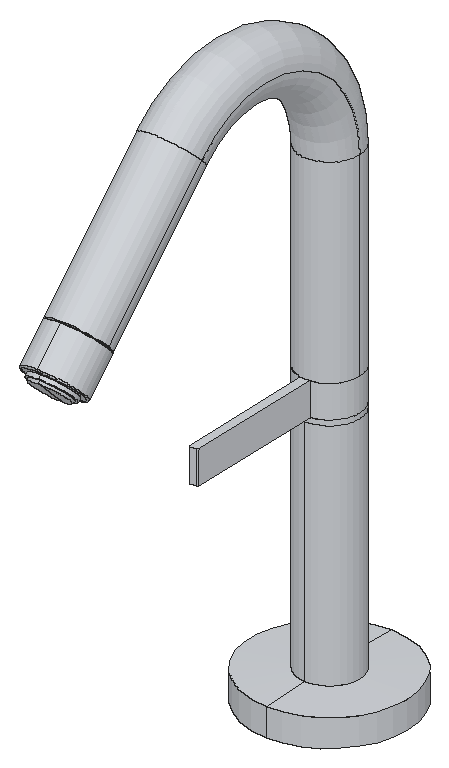
Revit family "Faucet-Lavatory-KOHLER-STILLNESS-K-979M_1", category Plumbing Fixtures, host Face, Revit 2017
Family settings
  Host = Face
  Round Connector Dimension = Use Diameter
  Part Type = Normal
  OmniClass Number = 23.31.11.00
  OmniClass Title = Faucets
  Cut with Voids When Loaded = No
  Shared = No
  Room Calculation Point = No
Parameters (values of type "CP-Polished Chrome")
  Width = 2.3622"  # constant formula
  WaterSense Certified = 1 = 0  # no
  Waste Water Outlet = "Waste Water Outlet"  # constant formula
  Waste Connection = 1 = 0  # no
  Vent Connection = 1 = 0  # no
  URL = "https://la.kohler.com/es?country=MX"
  Type = 1
  Spout Reach = 5.27559"  # constant formula
  Product Page URL = "https://la.kohler.com/es/product-detail/979m-4?skuid=K-979M-4-CP"
  Product Name = "K-979M-4-CP"  # constant formula
  Product Documentation Link = "http://resources.kohler.com/plumbing/kohlerla/pdf/979T-%20Spec%20Sheet.pdf"
  Pressure = 0.00 psi
  Model = "STILLNESS"  # constant formula
  Material = "Brass Construction"  # constant formula
  Master Format 2014 Name = "Residential Faucets, Supplies, and Trim"  # constant formula
  Master Format 2014 = "22 41 39"  # constant formula
  Manufacturer Address = "KOHLER Co. 444 Highland Dr. Kohler, WI 53044"  # constant formula
  Manufacturer = "KOHLER Co."  # constant formula
  Length = Spout Reach  # 5.27559"
  Hot Water Inlet = "Hot Water Inlet"  # constant formula
  Height = 9.68504"  # constant formula
  Handle Clearance = 2.55906"  # constant formula
  HW Connection = 1 = 1  # yes
  Flow Rate = 0 GPM
  Finish = Kohler-Metal-CP-Polished_Chrome
  Environmental Product Declaration = ""
  Drain Included = 1 = 1  # yes
  Description = "Single Lever Basin Mixer"  # constant formula
  Default Elevation = 36"
  Declare Label = ""
  Date Modified = "08/07/2020"  # constant formula
  Date Created = "08/07/2020"  # constant formula
  Copyright = "Copyright KOHLER Co."  # constant formula
  Contact Us = "https://la.kohler.com/es/contact-us-page"
  Cold Water Inlet = "Cold Water Inlet"  # constant formula
  CW Connection = 1 = 1  # yes
  Assembly Code = "D2010"
  ADA Compliant = 1 = 0  # no
Reference planes (in)
  plane 1 "Center (Front/Back)": y = 0
  plane 2: z = 0
  plane 3 "Center (Left/Right)": x = 0
  plane 4: y = 0.45276
  plane 5: y = -0.45276
  plane 6: x = 0.45276
  plane 7: x = -0.45276
  plane 8: y = -5.27559
  plane 9: z = 6.49606
  plane 10: z = 9.68504
  plane 11: y = 1.1811
  plane 12: z = 4.01575
  plane 13: y = -1.1811
  plane 14: x = 1.1811
  plane 15: x = -1.1811
  plane 16: y = -2.55906
  plane 17: x = -0.64723
  plane 18: x = 0.64723
  plane 19: z = 0.43038
Dimensions and locks (in)
  "Height": plane 10 to level
  "Width": plane 15 to plane 14
  "Spout Reach": plane 1 "Center (Front/Back)" to plane 8
  plane 9 to level = 6.49606"
  level to plane 12 = 4.01575"
  "Handle Clearance": plane 1 "Center (Front/Back)" to plane 16
  aligned and locked: plane 2 to host face
  aligned and locked: level to host face
Automatic sketch dimensions
  host sketch curve to host sketch curve = 96"  (x2)
Nested families (in)
  nested 1: "K-979M" at (0, 0, 0), type "K-979M"
Connectors (in)
  piping at (-0.64723, 0, 0), diameter 0.5, driven by "HW Connection", driven by "Hot Water Inlet"
    settings: on nested 1, index 1, connector inside diameter 24", connector length 0", flow factor 0, pipe flow 0 GPM, pressure drop 0.00 psi, fitting loss kfactor 0, connector angle 0.00°, fixture units 0, engagement length 0", angle of deflection 0.00°, flow configuration 0, flow direction 1, fitting loss method 0, system type 19, joint type 0, gender type 0, connector reference index -1, connector utility 1, adjustable connector no, is connector primary yes, connector description "Hot Water Inlet"
  piping at (0.64723, 0, 0), diameter 0.5, driven by "CW Connection", driven by "Cold Water Inlet"
    settings: on nested 1, index 2, connector inside diameter 24", connector length 0", flow factor 0, pipe flow 0 GPM, pressure drop 0.00 psi, fitting loss kfactor 0, connector angle 0.00°, fixture units 0, engagement length 0", angle of deflection 0.00°, flow configuration 0, flow direction 1, fitting loss method 0, system type 20, joint type 0, gender type 0, connector reference index -1, connector utility 1, adjustable connector no, is connector primary no, connector description "Cold Water Inlet"
Definition of nested family "K-979M"
  Parameters (values of type "K-979M")
    Material = none
  Reference planes (in)
    plane 1 "Center (Front/Back)": y = 0
    plane 2: z = 0
    plane 3 "Center (Left/Right)": x = 0
    plane 4: y = 1.1811
    plane 5: x = -1.1811
    plane 6: x = 1.1811
    plane 7: y = 0.45276
    plane 8: y = -0.45276
    plane 9: x = -0.45276
    plane 10: x = 0.45276
    plane 11: z = 9.68504
    plane 12: z = 9.68504
    plane 13: y = -5.27559
    plane 14: z = 6.49606
    plane 15: z = 4.01575
    plane 16: y = -1.1811
    plane 17: y = -2.55906
    plane 18: z = 9.23341
    plane 19: x = -0.64723
    plane 20: x = 0.64723
  Forms (in)
    Revolve 1, solid, material <- "Material", detail levels medium+fine
      sketch origin (0, 0, 0) x (0, 1, 0) y (0, 0, 1)
        loop
          line (0, 0) -> (1.1811, 0) -> (1.1811, 0.41327)
          arc (1.1811, 0.41327) -> (0.817, 0.42616) -> (0.45276, 0.43435) r 28.21881
          line (0.45276, 0.43435) -> (0.45276, 3.93701) -> (0.25591, 3.93701) -> (0.25591, 4.51181) -> (0, 4.51181) -> (0, 0)
        axis (0, 4.51181) -> (0, 0)
      angle from 0 to 360
    Extrusion 2, solid, material <- "Material", detail levels medium+fine
      sketch origin (0, 0, 0) x (1, 0, 0) y (0, 1, 0)
        loop
          arc (0.0689, -0.44748) -> (0, 0.45276) -> (-0.0689, -0.44748) r 0.45276
          line (-0.0689, -0.44748) -> (-0.0689, -2.53937)
          arc (-0.0689, -2.53937) -> (-0.06313, -2.55329) -> (-0.04921, -2.55906) r 0.01969
          line (-0.04921, -2.55906) -> (0.04921, -2.55906)
          arc (0.04921, -2.55906) -> (0.06313, -2.55329) -> (0.0689, -2.53937) r 0.01969
          line (0.0689, -2.53937) -> (0.0689, -0.44748)
        loop
          circle (0, 0) r 0.25591
      from 4.01575 to 4.51181
    Revolve 3, solid, material <- "Material", detail levels medium+fine
      sketch origin (0, 0, 0) x (0, 1, 0) y (0, 0, 1)
        loop
          line (-5.48563, 6.81974) -> (-5.42473, 6.75883) -> (-5.46969, 6.71387) -> (-5.44486, 6.68904) -> (-5.46063, 6.64573) -> (-5.25391, 6.43901) -> (-4.66387, 7.02904) -> (-4.95104, 7.31622) -> (-5.01636, 7.2509) -> (-5.04934, 7.28387) -> (-5.48563, 6.84757)
          arc (-5.48563, 6.84757) -> (-5.4914, 6.83366) -> (-5.48563, 6.81974) r 0.01969
        axis (-4.66387, 7.02904) -> (-5.25391, 6.43901)
      angle from 0 to 360
    Sweep 4, solid, material <- "Material", detail levels medium+fine
      path origin (0, 0, 0) x (0, 1, 0) y (0, 0, 1)
        loop
          line (-4.71527, 6.97764) -> (-2.96883, 8.72409)
          arc (-2.96883, 8.72409) -> (-1.07357, 9.10108) -> (0, 7.49436) r 1.7391
          line (0, 7.49436) -> (0, 4.51181)
      profile origin (0, 0, 6.00308) x (1, 0, 0) y (0, 1, 0)
        loop
          circle (0, 0) r 0.45276
    Extrusion 5, solid, detail levels medium+fine
      sketch origin (0, 0, 0) x (1, 0, 0) y (0, 1, 0)
        loop
          circle (-0.64723, 0) r 0.25
        loop
          circle (0.64723, 0) r 0.25
      from 0 to 0.19922
    Revolve 6, solid, material <- "Material", detail levels medium+fine
      sketch origin (0, 0, 0) x (0, 1, 0) y (0, 0, 1)
        loop
          line (0.45276, 4.01575) -> (0, 4.01575) -> (0, 3.93701) -> (0.45276, 3.93701) -> (0.45276, 4.01575)
        axis (0, 4.01575) -> (0, 3.93701)
      angle from 0 to 360
    Extrusion 7, solid, material <- "Material", detail levels coarse
      sketch origin (0, 0, 0) x (1, 0, 0) y (0, 1, 0)
        loop
          arc (0.07631, -0.44628) -> (-0.00019, 0.45276) -> (-0.07593, -0.44634) r 0.45276
          line (-0.07593, -0.44634) -> (-0.07593, -2.55906) -> (0.07631, -2.55906) -> (0.07631, -0.44628)
      from 3.93701 to 4.51181
    Revolve 8, solid, material <- "Material", detail levels coarse
      sketch origin (0, 0, 0) x (1, 0, 0) y (0, 0, 1)
        loop
          line (-1.1811, 0.45317) -> (-1.1811, 0) -> (0, 0) -> (0, 0.45317) -> (-1.1811, 0.45317)
        axis (0, 0.45317) -> (0, 0)
      angle from 0 to 360
    Sweep 9, solid, material <- "Material", detail levels coarse
      path origin (0, 0, 0) x (0, 1, 0) y (0, 0, 1)
        loop
          line (0, 0) -> (0, 7.4945)
          arc (0, 7.4945) -> (-1.09367, 9.1313) -> (-3.0244, 8.74725) r 1.77165
          line (-3.0244, 8.74725) -> (-5.27559, 6.49606)
      profile origin (0, 0, 3.74725) x (0, -1, 0) y (1, 0, 0)
        loop
          circle (0, 0) r 0.49478
  Cuts and joins
    joined: Revolve 1, Sweep 4
    joined: Extrusion 2, Revolve 6
    joined: Revolve 8, Sweep 9
  Lines and regions (in)
    Masking region 1
      outline origin (0, 0, 0) x (1, 0, 0) y (0, 1, 0)
        loop
          arc (0, 1.1811) -> (-1.15808, 0.23207) -> (-0.4551, -1.0899) r 1.1811
          line (-0.4551, -1.0899) -> (-0.4551, -5.28687)
          arc (-0.4551, -5.28687) -> (-0.00217, -5.53682) -> (0.45276, -5.29052) r 0.53928
          line (0.45276, -5.29052) -> (0.45276, -1.09088)
          arc (0.45276, -1.09088) -> (1.00115, -0.62665) -> (1.17906, 0.06948) r 1.1811
          arc (1.17906, 0.06948) -> (0.81023, 0.85938) -> (0, 1.1811) r 1.1811
    Masking region 2
      outline origin (0, 0, 0) x (1, 0, 0) y (0, 0, 1)
        loop
          line (1.1811, 0) -> (1.1811, 0.41275)
          arc (1.1811, 0.41275) -> (0.81698, 0.42353) -> (0.45276, 0.43038) r 33.7651
          line (0.45276, 0.43038) -> (0.45276, 9.23228)
          arc (0.45276, 9.23228) -> (0, 9.68504) -> (-0.45276, 9.23228) r 0.45276
          line (-0.45276, 9.23228) -> (-0.45276, 0.43038)
          arc (-0.45276, 0.43038) -> (-0.81698, 0.42353) -> (-1.1811, 0.41275) r 33.7651
          line (-1.1811, 0.41275) -> (-1.1811, 0) -> (1.1811, 0)
    Masking region 3
      outline origin (0, 0, 0) x (0, 1, 0) y (0, 0, 1)
        loop
          line (-3.28921, 9.044) -> (-5.03542, 7.29779) -> (-4.98256, 7.24494) -> (-5.01636, 7.2509) -> (-5.04934, 7.28387) -> (-5.48492, 6.84829)
          arc (-5.48492, 6.84829) -> (-5.49098, 6.83366) -> (-5.48492, 6.81902) r 0.0207
          line (-5.48492, 6.81902) -> (-5.42473, 6.75883) -> (-5.46969, 6.71387) -> (-5.44486, 6.68904) -> (-5.46063, 6.64573) -> (-5.04718, 6.23228) -> (-5.00387, 6.24805) -> (-4.97904, 6.22322) -> (-4.93408, 6.26818) -> (-4.87431, 6.20842)
          arc (-4.87431, 6.20842) -> (-4.85926, 6.20218) -> (-4.8442, 6.20842) r 0.02129
          line (-4.8442, 6.20842) -> (-4.40904, 6.64358) -> (-4.44201, 6.67655) -> (-4.44797, 6.71035) -> (-4.39512, 6.6575) -> (-2.64259, 8.41003)
          arc (-2.64259, 8.41003) -> (-1.24464, 8.6881) -> (-0.45276, 7.50297) r 1.28278
          line (-0.45276, 7.50297) -> (-0.45276, 4.51181) -> (-2.55906, 4.51181) -> (-2.55906, 4.01575) -> (-0.45276, 4.01575) -> (-0.45276, 0.43354)
          arc (-0.45276, 0.43354) -> (-0.817, 0.42534) -> (-1.1811, 0.41245) r 28.23423
          line (-1.1811, 0.41245) -> (-1.1811, 0) -> (1.1811, 0) -> (1.1811, 0.41327)
          arc (1.1811, 0.41327) -> (0.817, 0.42616) -> (0.45276, 0.43435) r 28.23504
          line (0.45276, 0.43435) -> (0.45276, 7.49403)
          arc (0.45276, 7.49403) -> (-0.9004, 9.51916) -> (-3.28921, 9.044) r 2.19199
    symbolic lines, detail levels medium+fine
      curve 1: line (-0.4551, -1.06953, 0) -> (-0.4551, 0.02297, 0)
      curve 2: line (0.45276, -1.06953, 0) -> (0.45276, 0.02297, 0)
      curve 3: arc (-0.4551, 0.02297, 0) -> (-0.00176, 0.4763, 0) -> (0.45158, 0.02297, 0) r 0.45334
      curve 4: line (0.45276, 0, 3.93701) -> (-0.45276, 0, 3.93701)
      curve 5: line (0.45276, 0, 4.51181) -> (-0.45276, 0, 4.51181)
      curve 6: line (0.45276, 0, 4.51181) -> (0.45276, 0, 3.93701)
      curve 7: arc (-0.45276, 0, 0.43038) -> (-0.00002, 0, 0.43354) -> (0.45272, 0, 0.43038) r 32.45438
      curve 8: spline (0, 0, 6.22225) -> (-0.07567, 0, 6.23022) -> (-0.14617, 0, 6.25359) -> (-0.20672, 0, 6.29076) -> (-0.25318, 0, 6.33919) -> (-0.28239, 0, 6.3956) -> (-0.29235, 0, 6.45614) -> (-0.28239, 0, 6.51667) -> (-0.25318, 0, 6.57308) -> (-0.20672, 0, 6.62152) -> (-0.14617, 0, 6.65869) -> (-0.07567, 0, 6.68205) -> (0, 0, 6.69002)
      curve 9: spline (0, 0, 6.69002) -> (0.07971, 0, 6.68205) -> (0.15399, 0, 6.65869) -> (0.21778, 0, 6.62152) -> (0.26672, 0, 6.57308) -> (0.29749, 0, 6.51667) -> (0.30799, 0, 6.45614) -> (0.29749, 0, 6.3956) -> (0.26672, 0, 6.33919) -> (0.21778, 0, 6.29076) -> (0.15399, 0, 6.25359) -> (0.07971, 0, 6.23022) -> (0, 0, 6.22225)
      curve 10: spline (0, 0, 6.71387) -> (0.0898, 0, 6.70549) -> (0.17347, 0, 6.68094) -> (0.24532, 0, 6.64187) -> (0.30046, 0, 6.59097) -> (0.33512, 0, 6.53168) -> (0.34694, 0, 6.46806) -> (0.33512, 0, 6.40444) -> (0.30046, 0, 6.34516) -> (0.24532, 0, 6.29425) -> (0.17347, 0, 6.25519) -> (0.0898, 0, 6.23063) -> (0, 0, 6.22225)
      curve 11: spline (0, 0, 6.71387) -> (-0.0898, 0, 6.70549) -> (-0.17347, 0, 6.68094) -> (-0.24532, 0, 6.64187) -> (-0.30046, 0, 6.59097) -> (-0.33512, 0, 6.53168) -> (-0.34694, 0, 6.46806) -> (-0.33512, 0, 6.40444) -> (-0.30046, 0, 6.34516) -> (-0.24532, 0, 6.29425) -> (-0.17347, 0, 6.25519) -> (-0.0898, 0, 6.23063) -> (0, 0, 6.22225)
      curve 12: spline (0.45276, 0, 6.97764) -> (0.43733, 0, 7.0605) -> (0.3921, 0, 7.13772) -> (0.32015, 0, 7.20402) -> (0.22638, 0, 7.2549) -> (0.11718, 0, 7.28688) -> (0, 0, 7.29779) -> (-0.11718, 0, 7.28688) -> (-0.22638, 0, 7.2549) -> (-0.32015, 0, 7.20402) -> (-0.3921, 0, 7.13772) -> (-0.43733, 0, 7.0605) -> (-0.45276, 0, 6.97764)
      curve 13: spline (0.45134, 0, 6.49606) -> (0.43275, 0, 6.57687) -> (0.38591, 0, 6.6517) -> (0.31389, 0, 6.71566) -> (0.22137, 0, 6.76458) -> (0.1144, 0, 6.79528) -> (-0.00003, 0, 6.80573) -> (-0.11447, 0, 6.79528) -> (-0.22143, 0, 6.76458) -> (-0.31395, 0, 6.71566) -> (-0.38598, 0, 6.6517) -> (-0.43282, 0, 6.57687) -> (-0.45141, 0, 6.49606)
      curve 14: spline (0.45134, 0, 6.49606) -> (0.43275, 0, 6.41526) -> (0.38591, 0, 6.34043) -> (0.31389, 0, 6.27647) -> (0.22137, 0, 6.22754) -> (0.1144, 0, 6.19685) -> (-0.00003, 0, 6.18639) -> (-0.11447, 0, 6.19685) -> (-0.22143, 0, 6.22754) -> (-0.31395, 0, 6.27647) -> (-0.38598, 0, 6.34043) -> (-0.43282, 0, 6.41526) -> (-0.45141, 0, 6.49606)
      curve 15: line (0, 0.45276, 0.43354) -> (0, -0.45276, 0.43354)
      curve 16: line (0, -5.44486, 6.68904) -> (0, -5.00387, 6.24805)
      curve 17: line (0, -4.93408, 6.26818) -> (0, -5.42473, 6.75883)
      curve 18: line (0, -4.44797, 6.71035) -> (0, -4.98256, 7.24494)
      curve 19: line (0, -5.01636, 7.2509) -> (0, -4.44201, 6.67655)
      curve 20: line (0, 0.45276, 3.93701) -> (0, -0.45276, 3.93701)
      curve 21: line (0, 0.45276, 4.51181) -> (0, -0.45276, 4.51181)
      curve 22: line (-0.0689, 0, 4.51181) -> (-0.0689, 0, 4.01575)
      curve 23: line (0.0689, 0, 4.01575) -> (0.0689, 0, 4.51181)
      curve 24: line (-0.0689, 0, 4.51181) -> (-0.0689, 0, 4.01575)
      curve 25: line (0.0689, 0, 4.01575) -> (0.0689, 0, 4.51181)
      curve 26: line (-0.0689, 0, 4.01575) -> (0.0689, 0, 4.01575)
      curve 27: circle (-0.279, 0, 4.38155) r 0.03282 normal (0, -1, 0)
      curve 28: circle (0.279, 0, 4.38155) r 0.03282 normal (0, 1, 0)
      curve 29: line (0, -0.45276, 4.51181) -> (0, -0.45276, 4.01709)
  Dimensions and locks (in)
    locked: plane 15 to level at 4.01575
    locked: plane 12 to level at 9.68504
    locked: plane 14 to level at 6.49606
    locked: plane 1 "Center (Front/Back)" to plane 13 at 5.27559
    aligned and locked: plane 2 to level
  Automatic sketch dimensions
    Sweep 4 sketch curve to plane 3 "Center (Left/Right)" = 0"
    profile plane to Sweep 4 sketch curve = 0"
    Revolve 3 sketch curve to Revolve 3 sketch curve = 0"
    Revolve 3 sketch curve to Revolve 3 sketch curve = 0.01392"
    Revolve 3 sketch curve to Revolve 3 sketch curve = 0.01594"
    Revolve 3 sketch curve to Revolve 3 sketch curve = 0.00906"
    Revolve 3 sketch curve to Revolve 3 sketch curve = 0.02483"
    Revolve 3 sketch curve to Revolve 3 sketch curve = 0.04496"
    Revolve 3 sketch curve to Revolve 3 sketch curve = 0.03297"
    Revolve 3 sketch curve to Revolve 3 sketch curve = 0.06532"
    Revolve 3 sketch curve to Revolve 3 sketch curve = 0.04331"
    curve 1 to plane 1 "Center (Front/Back)" = 0.02297"
    curve 3 to plane 3 "Center (Left/Right)" = 0.00176"
    plane 3 "Center (Left/Right)" to curve 2 = 0.45276"
    curve 3 to curve 2 = 0"
    plane 1 "Center (Front/Back)" to Extrusion 5 sketch curve = 0"  (x2)
    plane 5 to Extrusion 5 sketch curve = 0.53387"
    plane 6 to Extrusion 5 sketch curve = 0.53387"
    Revolve 3 sketch curve to Revolve 3 sketch curve = 0.51721"  (x2)
    Revolve 3 sketch curve to plane 11 = 2.40117"
    Revolve 3 sketch curve to plane 11 = 1.58831"
    Revolve 3 sketch curve to plane 13 = 0.02168"
    plane 13 to Revolve 3 sketch curve = 0.14914"
    Extrusion 2 sketch curve to Extrusion 2 sketch curve = 0"  (x2)
    plane 1 "Center (Front/Back)" to Extrusion 2 sketch curve = 0"
    Extrusion 2 sketch curve to plane 3 "Center (Left/Right)" = 0"
    Extrusion 2 sketch curve to plane 3 "Center (Left/Right)" = 0.04921"
    Extrusion 2 sketch curve to plane 8 = 0.00527"  (x2)
    Extrusion 2 sketch curve to plane 3 "Center (Left/Right)" = 0.0689"
    plane 3 "Center (Left/Right)" to Extrusion 2 sketch curve = 0.04921"
    curve 1 to curve 3 = 0.45334"
    Masking region 2 sketch curve to Masking region 2 sketch curve = 0"  (x2)
    Masking region 2 sketch curve to level = 0"
    Masking region 2 sketch curve to plane 5 = 0"
    plane 9 to Masking region 2 sketch curve = 0"
    plane 3 "Center (Left/Right)" to Masking region 2 sketch curve = 0"
    Masking region 2 sketch curve to plane 3 "Center (Left/Right)" = 0"
    plane 6 to Masking region 2 sketch curve = 0"
    level to Masking region 2 sketch curve = 0.41275"  (x2)
    Masking region 2 sketch curve to plane 12 = 0.45276"
    Masking region 2 sketch curve to plane 15 = 3.58537"
    Revolve 6 sketch curve to plane 1 "Center (Front/Back)" = 0"  (x2)
    Revolve 6 sketch curve to plane 15 = 0"
    plane 7 to Revolve 6 sketch curve = 0"
    Revolve 6 sketch curve to plane 15 = 0.07874"
    Revolve 6 sketch curve to Revolve 6 sketch curve = 0.2126"
    Revolve 6 sketch curve to Revolve 6 sketch curve = 0.29921"
    Revolve 1 sketch curve to level = 0"
    Revolve 1 sketch curve to plane 1 "Center (Front/Back)" = 0"  (x2)
    Revolve 1 sketch curve to plane 4 = 0"
    Revolve 1 sketch curve to plane 1 "Center (Front/Back)" = 0.00046"
    Revolve 1 sketch curve to plane 7 = 0.19685"
    plane 7 to Revolve 1 sketch curve = 0"
    Revolve 1 sketch curve to level = 27.78083"
    level to Revolve 1 sketch curve = 0.41327"
    Revolve 1 sketch curve to plane 15 = 0.07874"
    plane 15 to Revolve 1 sketch curve = 0.49606"
    Revolve 1 sketch curve to plane 12 = 0.11811"
    plane 12 to Revolve 1 sketch curve = 0.92913"
    curve 13 to plane 14 = 0"
    curve 26 to plane 15 = 0"
    curve 9 to plane 3 "Center (Left/Right)" = 0"
    curve 12 to plane 3 "Center (Left/Right)" = 0"
    curve 14 to plane 14 = 0"
    curve 7 to plane 3 "Center (Left/Right)" = 0.00002"
    curve 24 to plane 3 "Center (Left/Right)" = 0.0689"
    curve 27 to curve 22 = 0.2101"
    plane 3 "Center (Left/Right)" to curve 25 = 0.0689"
    curve 23 to curve 28 = 0.2101"
    curve 6 to plane 15 = 0.07874"
    curve 23 to curve 6 = 0.38386"
    curve 7 to level = 32.02084"
    plane 15 to curve 27 = 0.3658"
    plane 15 to curve 28 = 0.3658"
    curve 28 to curve 5 = 0.13026"
    curve 13 to plane 3 "Center (Left/Right)" = 0.00003"
    curve 11 to plane 14 = 0.028"
    curve 11 to curve 10 = 0.34694"
    curve 14 to curve 11 = 0.10447"
    curve 12 to curve 12 = 0.45276"
    curve 5 to curve 27 = 0.17376"
    curve 7 to plane 3 "Center (Left/Right)" = 0.45276"
    curve 4 to curve 22 = 0.38386"
    curve 8 to plane 14 = 0.03993"
    curve 8 to curve 14 = 0.159"
    curve 8 to curve 9 = 1/64"
    curve 9 to curve 10 = 0.03896"
    plane 14 to curve 14 = 0.01082"
    curve 13 to curve 14 = 0.00026"
    curve 13 to plane 14 = 0.01082"
    curve 14 to curve 13 = 0.00026"
    plane 3 "Center (Left/Right)" to curve 7 = 0.45272"
    level to curve 7 = 0.43038"
    curve 8 to curve 8 = 0.23388"
    plane 14 to curve 12 = 0.48158"
    plane 8 to curve 1 = 0.61678"
    plane 8 to curve 2 = 0.61678"
    plane 8 to Extrusion 2 sketch curve = 2.08661"
    Masking region 1 sketch curve to Masking region 1 sketch curve = 0"  (x6)
    Masking region 1 sketch curve to plane 3 "Center (Left/Right)" = 0"  (x2)
    plane 1 "Center (Front/Back)" to Masking region 1 sketch curve = 0"
    plane 4 to Masking region 1 sketch curve = 0"
    plane 16 to Masking region 1 sketch curve = 0.0912"
    plane 13 to Masking region 1 sketch curve = 0.01493"
    plane 3 "Center (Left/Right)" to Masking region 1 sketch curve = 0.45276"
    Masking region 1 sketch curve to Masking region 1 sketch curve = 0.00365"
    plane 6 to Masking region 1 sketch curve = 0.00205"
    Revolve 3 sketch curve to plane 13 = 0.22626"
    plane 14 to Revolve 3 sketch curve = 0.53298"
    Revolve 3 sketch curve to Revolve 3 sketch curve = 0.28717"
    Revolve 3 sketch curve to Revolve 3 sketch curve = 0.55047"
    Masking region 3 sketch curve to Masking region 3 sketch curve = 0"  (x2)
    Masking region 3 sketch curve to plane 15 = 0"
    Masking region 3 sketch curve to level = 0"
    Masking region 3 sketch curve to plane 16 = 0"
    Masking region 3 sketch curve to plane 1 "Center (Front/Back)" = 0"
    Masking region 3 sketch curve to plane 7 = 0"
    Masking region 3 sketch curve to plane 4 = 0"
    Masking region 3 sketch curve to plane 17 = 0.08354"
    Masking region 3 sketch curve to plane 17 = 0.73015"
    plane 14 to Masking region 3 sketch curve = 0.16143"
    Masking region 3 sketch curve to plane 13 = 0.88047"
    plane 14 to Masking region 3 sketch curve = 0.14752"
    Masking region 3 sketch curve to Masking region 3 sketch curve = 0.01392"  (x3)
    plane 14 to Masking region 3 sketch curve = 0.18049"
    Masking region 3 sketch curve to Masking region 3 sketch curve = 0.03297"
    plane 14 to Masking region 3 sketch curve = 0.21429"
    Masking region 3 sketch curve to Masking region 3 sketch curve = 0.00596"  (x2)
    Masking region 3 sketch curve to plane 14 = 0.28765"  (x2)
    Masking region 3 sketch curve to Masking region 3 sketch curve = 0.01506"  (x2)
    Masking region 3 sketch curve to Masking region 3 sketch curve = 0.05977"
    Masking region 3 sketch curve to Masking region 3 sketch curve = 0.04496"
    Masking region 3 sketch curve to plane 13 = 0.29303"
    Masking region 3 sketch curve to Masking region 3 sketch curve = 0.02483"  (x3)
    Masking region 3 sketch curve to Masking region 3 sketch curve = 0.0338"
    Masking region 3 sketch curve to Masking region 3 sketch curve = 0.01905"
    Masking region 3 sketch curve to Masking region 3 sketch curve = 0.04331"  (x2)
    plane 13 to Masking region 3 sketch curve = 0.14914"
    Masking region 3 sketch curve to Masking region 3 sketch curve = 0.02014"
    Masking region 3 sketch curve to Masking region 3 sketch curve = 0.01576"  (x2)
    Masking region 3 sketch curve to Masking region 3 sketch curve = 0.04555"
    Masking region 3 sketch curve to Masking region 3 sketch curve = 0.01464"  (x3)
    Masking region 3 sketch curve to plane 16 = 0.55813"
    Masking region 3 sketch curve to Masking region 3 sketch curve = 0.0037"
    Masking region 3 sketch curve to level = 27.79706"
    Masking region 3 sketch curve to Masking region 3 sketch curve = 0.41245"
    level to Masking region 3 sketch curve = 0.41327"
    Masking region 3 sketch curve to Masking region 3 sketch curve = 0.0148"
    plane 14 to Masking region 3 sketch curve = 0.14967"
    Masking region 3 sketch curve to Masking region 3 sketch curve = 0.41128"
    Masking region 3 sketch curve to plane 17 = 0"
    Masking region 3 sketch curve to plane 8 = 0"  (x2)
    Masking region 3 sketch curve to Masking region 3 sketch curve = 0.49606"
    curve 15 to plane 8 = 0"
    curve 15 to plane 7 = 0"
    level to curve 15 = 0.43354"
    plane 8 to curve 20 = 0"
    plane 8 to curve 21 = 0"
    plane 14 to curve 19 = 0.18049"
    curve 19 to plane 13 = 0.83358"
    plane 14 to curve 18 = 0.21429"
    curve 18 to curve 19 = 0.00596"  (x2)
    curve 17 to plane 13 = 0.34151"
    curve 18 to plane 13 = 0.29303"
    curve 16 to curve 17 = 0.06979"  (x2)
    curve 19 to curve 18 = 0.0338"
    plane 13 to curve 17 = 0.14914"
    curve 16 to curve 17 = 0.02014"  (x2)
    plane 7 to curve 20 = 0"
    plane 7 to curve 21 = 0"
    curve 20 to plane 15 = 0.07874"
    plane 15 to curve 29 = 0.00134"
    plane 15 to curve 21 = 0.49606"
    curve 16 to plane 14 = 0.24801"
    plane 14 to curve 16 = 0.19298"
    curve 17 to curve 18 = 0.48611"
    Extrusion 7 sketch curve to plane 17 = 0"
    plane 1 "Center (Front/Back)" to Extrusion 7 sketch curve = 0"
    Extrusion 7 sketch curve to plane 3 "Center (Left/Right)" = 0"
    Extrusion 7 sketch curve to plane 3 "Center (Left/Right)" = 0.07593"
    Extrusion 7 sketch curve to plane 8 = 0.00641"
    Extrusion 7 sketch curve to plane 8 = 0.00648"
    Revolve 8 sketch curve to plane 5 = 0"
    Revolve 8 sketch curve to plane 3 "Center (Left/Right)" = 0"  (x2)
    Revolve 8 sketch curve to level = 0"
    Revolve 8 sketch curve to Revolve 8 sketch curve = 0.45317"
    Revolve 8 sketch curve to level = 0.33408"
    Revolve 8 sketch curve to Revolve 8 sketch curve = 0.11169"
    Sweep 9 sketch curve to plane 13 = 0"
    Sweep 9 sketch curve to plane 1 "Center (Front/Back)" = 0"
    Sweep 9 sketch curve to level = 0"
    Sweep 9 sketch curve to plane 14 = 0"
    Sweep 9 sketch curve to plane 17 = 0.46535"
    Sweep 9 sketch curve to plane 16 = 0.59055"
    plane 14 to Sweep 9 sketch curve = 0.99844"
    Sweep 9 sketch curve to plane 3 "Center (Left/Right)" = 0"
    Sweep 9 sketch curve to profile plane = 0"
    Sweep 4 sketch curve to plane 1 "Center (Front/Back)" = 0"
    Sweep 4 sketch curve to plane 16 = 0.558"
    Sweep 4 sketch curve to plane 17 = 0.40977"
    plane 14 to Sweep 4 sketch curve = 0.99829"
    Sweep 4 sketch curve to plane 13 = 0.56032"
    plane 14 to Sweep 4 sketch curve = 0.48158"
    plane 15 to Sweep 4 sketch curve = 0.49606"
    radius of Sweep 4 sketch curve = 0.45276"
    radius of Extrusion 5 sketch curve = 1/4"  (x2)
    radius of Extrusion 2 sketch curve = 0.25591"
    radius of curve 27 = 0.03282"
    radius of curve 28 = 0.03282"
    radius of Sweep 9 sketch curve = 0.49478"
